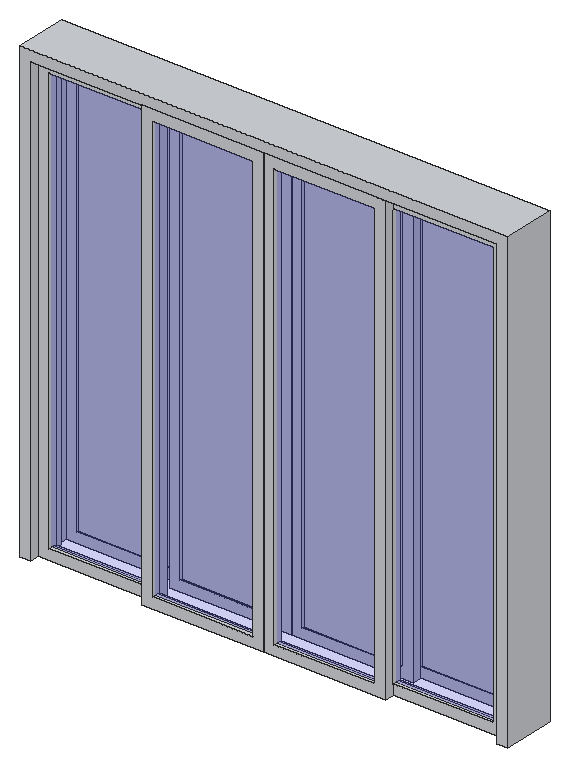
Revit family "Porta veneziana envidraçada de correr quádrupla sem revestimento", category Portas, Revit 2019
Family settings
  Hospedeiro = Parede
  Número OmniClass = 23.30.10.00
  Título OmniClass = Doors
  Sempre na vertical = Sim
  Corte com vazios quando carregada = Não
  Compartilhado = Não
  Ponto de cálculo do ambiente = Não
Parameters (values of type "2320 x 2180mm")
  Visual Light Transmittance = 0
  Espessura = 0 mm
  Solar Heat Gain Coefficient = 0
  Rough Width = Width  # 2320 mm
  Rough Height = Height  # 2180 mm
  Material do painel = none
  Largura da moldura do painel = 50 mm
  Espessura da moldura do painel = 40 mm
  ID do tipo de construção = ""
  Coeficiente de transferência de calor (U) = 3.7021 W/(m²·K)
  Largura do puxador = 40 mm
  Material do puxador = none
  Altura do puxador = 200 mm
  Vidro = none
  Função = Exterior
  Largura da estrutura = 50 mm
  Height = 2180 mm
  Fechamento da parede = Por hospedeiro
  Width = 2320 mm
  Material da moldura = none
  Construção analítica = Metal
Types (5, lengths in mm): name | Rough Width | Width
  (no name) | 2320 | 2320
  2320 x 2180mm | 2320 | 2320
  2720 x 2180mm | 2720 | 2720
  3120 x 2180mm | 3120 | 3120
  3520 x 2180mm | 3520 | 3520
Reference planes
  plane 1: y = 0
  plane 2 "Centro (Esquerda/Direita)": x = 0
  plane 3 "Esquerda": x = -1160
  plane 4 "Direita": x = 1160
  plane 5: z = 2180
  plane 6 "Exterior": y = 125
  plane 7 "Interior": y = -125
  plane 8: x = -1110
  plane 9: x = -1060
  plane 10: x = 1060
  plane 11: x = 1110
  plane 12: y = -85
  plane 13: z = 0
  plane 14: z = 2080
  plane 15: z = 50
  plane 16: z = 2130
  plane 17: z = 1065
  plane 18: x = 555
  plane 19: x = -555
  plane 20: y = -125
  plane 21: y = -80
  plane 22: y = -40
  plane 23: y = -105
  plane 24: y = -60
  plane 25: y = -53
  plane 26: y = -67
  plane 27: y = -98
  plane 28: y = -112
  plane 29: x = -580
  plane 30: x = -530
  plane 31: x = 580
  plane 32: x = 530
  plane 33: x = -50
  plane 34: x = 50
  plane 35: x = 290
  plane 36: x = -290
  plane 37: y = 40
  plane 38: y = 85
  plane 39: y = 125
  plane 40: y = 60
  plane 41: y = 105
  plane 42: y = 117
  plane 43: y = 93
  plane 44: y = 72
  plane 45: y = 48
  plane 46: x = -25
  plane 47: x = 25
  plane 48: z = 900
  plane 49: z = 1000
  plane 50: z = 800
  plane 51: z = 962
  plane 52: z = 838
  plane 53: x = -5
  plane 54: x = -45
  plane 55: x = 45
  plane 56: x = 5
  plane 57: x = 42
  plane 58: x = 8
  plane 59: x = -8
  plane 60: x = -42
  plane 61: y = 80
  plane 62: x = 427.5
  plane 63: x = 152.5
  plane 64: through (427.5, 300, 1065) normal (0.5, 0, 0.866)
  plane 65: through (427.5, 300, 1065) normal (-0.5, 0, 0.866)
  plane 66: x = -427.5
  plane 67: x = -152.5
  plane 68: through (-427.5, 300, 1065) normal (0.5, 0, -0.866)
  plane 69: through (-427.5, 300, 1065) normal (-0.5, 0, -0.866)
  plane 70: x = 1100
Forms (mm)
  Sweep 1, solid, material <- "Material da moldura", detail levels coarse+medium
    path origin (0, 125, 0) x (1, 0, 0) y (0, 0, 1)
      loop
        line (1160, 0) -> (1160, 2180) -> (-1160, 2180) -> (-1160, 0)
    profile origin (1160, 125, 1090) x (-1, 0, 0) y (0, -1, 0)
      loop
        line (0, 0) -> (50, 0) -> (50, 250) -> (0, 250) -> (0, 0)
  Sweep 2, solid, material <- "Material da moldura", detail levels coarse+medium
    path origin (0, 125, 0) x (-1, 0, 0) y (0, 0, 1)
      loop
        line (0, 0) -> (580, 0) -> (580, 2130) -> (0, 2130) -> (0, 0)
    profile origin (0, 125, 1065) x (-1, 0, 0) y (0, -1, 0)
      loop
        line (50, 45) -> (50, 85) -> (0, 85) -> (0, 45) -> (50, 45)
      loop
        line (0, 210) -> (50, 210) -> (50, 250) -> (0, 250) -> (0, 210)
  Extrusion 3, solid, material <- "Vidro", detail levels fine
    sketch origin (0, 0, 0) x (-1, 0, 0) y (0, -1, 0)
      loop
        line (530, 98) -> (530, 112) -> (50, 112) -> (50, 98) -> (530, 98)
      loop
        line (-50, 98) -> (-50, 112) -> (-530, 112) -> (-530, 98) -> (-50, 98)
      loop
        line (580, 53) -> (1060, 53) -> (1060, 67) -> (580, 67) -> (580, 53)
      loop
        line (-580, 53) -> (-580, 67) -> (-1060, 67) -> (-1060, 53) -> (-580, 53)
    from 50 to 2080
  Sweep 4, solid, material <- "Material da moldura"
    path origin (0, 125, 50) x (-1, 0, 0) y (0, 0, 1)
      loop
        line (1110, -50) -> (1110, 2080) -> (530, 2080) -> (530, -50) -> (1110, -50)
    profile origin (-1110, 125, 1065) x (-1, 0, 0) y (0, -1, 0)
      loop
        line (0, 0) -> (0, 40) -> (-50, 40) -> (-50, 0) -> (0, 0)
      loop
        line (-50, 165) -> (0, 165) -> (0, 205) -> (-50, 205) -> (-50, 165)
  Sweep 5, solid, material <- "Material da moldura", detail levels coarse+medium
    path origin (0, 125, 0) x (1, 0, 0) y (0, 0, 1)
      loop
        line (0, 0) -> (580, 0) -> (580, 2130) -> (0, 2130) -> (0, 0)
    profile origin (0, 125, 1065) x (-1, 0, 0) y (0, -1, 0)
      loop
        line (0, 45) -> (0, 85) -> (-50, 85) -> (-50, 45) -> (0, 45)
      loop
        line (0, 210) -> (0, 250) -> (-50, 250) -> (-50, 210) -> (0, 210)
  Sweep 6, solid, material <- "Material da moldura"
    path origin (0, 125, 50) x (1, 0, 0) y (0, 0, 1)
      loop
        line (1110, -50) -> (1110, 2080) -> (530, 2080) -> (530, -50) -> (1110, -50)
    profile origin (1110, 125, 1065) x (-1, 0, 0) y (0, -1, 0)
      loop
        line (50, 165) -> (50, 205) -> (0, 205) -> (0, 165) -> (50, 165)
      loop
        line (50, 0) -> (50, 40) -> (0, 40) -> (0, 0) -> (50, 0)
  Extrusion 7, solid, material <- "Material do painel"
    sketch origin (0, 0, 0) x (1, 0, 0) y (0, 1, 0)
      loop
        line (-1060, 117) -> (-1060, 93) -> (-580, 93) -> (-580, 117) -> (-1060, 117)
      loop
        line (580, 117) -> (580, 93) -> (1060, 93) -> (1060, 117) -> (580, 117)
      loop
        line (-530, 72) -> (-530, 48) -> (-50, 48) -> (-50, 72) -> (-530, 72)
      loop
        line (50, 72) -> (50, 48) -> (530, 48) -> (530, 72) -> (50, 72)
    from 50 to 2080
  Extrusion 8, solid, material <- "Vidro"
    sketch origin (0, -220, 0) x (-1, 0, 0) y (0, -1, 0)
      loop
        line (1060, -167) -> (1060, -153) -> (580, -153) -> (580, -167) -> (1060, -167)
      loop
        line (530, -122) -> (530, -108) -> (50, -108) -> (50, -122) -> (530, -122)
      loop
        line (-50, -122) -> (-50, -108) -> (-530, -108) -> (-530, -122) -> (-50, -122)
      loop
        line (-580, -167) -> (-580, -153) -> (-1060, -153) -> (-1060, -167) -> (-580, -167)
    from 50 to 2080
  Sweep 9, solid, material <- "Material da moldura", detail levels fine
    path origin (0, 390, 0) x (-1, 0, 0) y (0, 0, 1)
      loop
        line (0, 0) -> (580, 0) -> (580, 2130) -> (0, 2130) -> (0, 0)
    profile origin (0, 390, 1065) x (-1, 0, 0) y (0, -1, 0)
      loop
        line (50, 310) -> (50, 350) -> (0, 350) -> (0, 310) -> (50, 310)
      loop
        line (50, 475) -> (50, 515) -> (0, 515) -> (0, 475) -> (50, 475)
  Sweep 10, solid, material <- "Material da moldura", detail levels fine
    path origin (0, 390, 0) x (1, 0, 0) y (0, 0, 1)
      loop
        line (0, 0) -> (580, 0) -> (580, 2130) -> (0, 2130) -> (0, 0)
    profile origin (0, 390, 1065) x (-1, 0, 0) y (0, -1, 0)
      loop
        line (0, 310) -> (0, 350) -> (-50, 350) -> (-50, 310) -> (0, 310)
      loop
        line (0, 475) -> (0, 515) -> (-50, 515) -> (-50, 475) -> (0, 475)
  Sweep 11, solid, material <- "Material da moldura", detail levels fine
    path origin (0, 125, 0) x (1, 0, 0) y (0, 0, 1)
      loop
        line (1160, 0) -> (1160, 2180) -> (-1160, 2180) -> (-1160, 0)
    profile origin (1160, 125, 1090) x (-1, 0, 0) y (0, -1, 0)
      loop
        line (50, 0) -> (50, 85) -> (60, 85) -> (60, 165) -> (50, 165) -> (50, 250) -> (0, 250) -> (0, 0) -> (50, 0)
  Extrusion 12, solid, material <- "Material do painel", detail levels medium+fine
    sketch origin (-4300, 0, 0) x (1, 0, 0) y (0, 1, 0)
      loop
        line (3240, 117) -> (3240, 93) -> (3720, 93) -> (3720, 117) -> (3240, 117)
      loop
        line (4880, 117) -> (4880, 93) -> (5360, 93) -> (5360, 117) -> (4880, 117)
      loop
        line (3770, 72) -> (3770, 48) -> (4250, 48) -> (4250, 72) -> (3770, 72)
      loop
        line (4350, 72) -> (4350, 48) -> (4830, 48) -> (4830, 72) -> (4350, 72)
    from 50 to 2080
Lines and regions (mm)
  Opening 1
    outline origin (-3050, -125, 0) x (1, 0, 0) y (0, 0, 1)
      loop
        line (1890, 0) -> (4210, 0) -> (4210, 2180) -> (1890, 2180) -> (1890, 0)
  symbolic lines, style "Giro da elevação"
    curve 1: line (-580, 125, 2130) -> (0, 125, 0)
    curve 2: line (0, 125, 0) -> (580, 125, 2130)
    curve 3: line (580, 125, 0) -> (0, 125, 2130)
    curve 4: line (0, 125, 2130) -> (-580, 125, 0)
  model lines, style "DoorsGlassProjection", detail levels medium
    curve 5: line (530, -105, 2080) -> (50, -105, 2080)
    curve 6: line (530, -105, 50) -> (530, -105, 2080)
    curve 7: line (50, -105, 50) -> (530, -105, 50)
    curve 8: line (50, -105, 2080) -> (50, -105, 50)
    curve 9: line (-50, -105, 2080) -> (-530, -105, 2080)
    curve 10: line (-50, -105, 50) -> (-50, -105, 2080)
    curve 11: line (-530, -105, 50) -> (-50, -105, 50)
    curve 12: line (-530, -105, 2080) -> (-530, -105, 50)
    curve 13: line (1060, -60, 2080) -> (580, -60, 2080)
    curve 14: line (1060, -60, 50) -> (1060, -60, 2080)
    curve 15: line (580, -60, 50) -> (1060, -60, 50)
    curve 16: line (580, -60, 2080) -> (580, -60, 50)
    curve 17: line (-580, -60, 2080) -> (-1060, -60, 2080)
    curve 18: line (-580, -60, 50) -> (-580, -60, 2080)
    curve 19: line (-1060, -60, 50) -> (-580, -60, 50)
    curve 20: line (-1060, -60, 2080) -> (-1060, -60, 50)
  symbolic lines, style "Seta"
    curve 21: line (427.5, -60, 1065) -> (349.558, -60, 1110)
    curve 22: line (427.5, -60, 1065) -> (152.5, -60, 1065)
    curve 23: line (427.5, -60, 1065) -> (349.558, -60, 1020)
    curve 24: line (-427.5, -60, 1065) -> (-349.558, -60, 1110)
    curve 25: line (-427.5, -60, 1065) -> (-152.5, -60, 1065)
    curve 26: line (-427.5, -60, 1065) -> (-349.558, -60, 1020)
Text (mm)
  text "Externo" at (-2295.016, 1099.543, 0), in view "Nível de referência"
  text "Externo" at (0, 1615.38, 3698.081), in view "Esquerda"
  text "Externo" at (0, 1036.032, 3874.932), in view "Direita"
Dimensions and locks
  equal spacing: plane 3 "Esquerda", plane 2 "Centro (Esquerda/Direita)", plane 4 "Direita"
  "Width": plane 3 "Esquerda" to plane 4 "Direita"
  "Height": host wall to plane 5
  host wall to plane 5 = 2180 mm
  locked: plane 6 "Exterior" to host wall at 0
  locked: plane 7 "Interior" to host wall
  "Largura da estrutura": plane 3 "Esquerda" to plane 8
  "Largura da estrutura": plane 11 to plane 4 "Direita"
  "Largura da moldura do painel": plane 8 to plane 9
  "Largura da moldura do painel": plane 10 to plane 11
  "Largura da estrutura": plane 16 to plane 5
  "Largura da moldura do painel": plane 14 to plane 16
  "Largura da estrutura": plane 13 to plane 15
  equal spacing: plane 32, plane 18, plane 31
  equal spacing: plane 29, plane 19, plane 30
  "Largura da moldura do painel": plane 29 to plane 30
  "Largura da moldura do painel": plane 32 to plane 31
  "Largura da moldura do painel": plane 33 to plane 2 "Centro (Esquerda/Direita)"
  "Largura da moldura do painel": plane 2 "Centro (Esquerda/Direita)" to plane 34
  equal spacing: plane 2 "Centro (Esquerda/Direita)", plane 18, plane 11
  equal spacing: plane 8, plane 19, plane 2 "Centro (Esquerda/Direita)"
  equal spacing: plane 15, plane 17, plane 14
  equal spacing: plane 31, plane 35, plane 2 "Centro (Esquerda/Direita)"
  equal spacing: plane 2 "Centro (Esquerda/Direita)", plane 36, plane 29
  equal spacing: plane 33, plane 46, plane 2 "Centro (Esquerda/Direita)"
  equal spacing: plane 2 "Centro (Esquerda/Direita)", plane 47, plane 34
  locked: plane 13 to plane 48 at 900
  equal spacing: plane 50, plane 48, plane 49
  "Altura do puxador": plane 50 to plane 49
  locked: plane 50 to plane 52 at 38
  locked: plane 51 to plane 49 at 38
  equal spacing: plane 56, plane 47, plane 55
  "Largura do puxador": plane 56 to plane 55
  equal spacing: plane 54, plane 46, plane 53
  "Largura do puxador": plane 54 to plane 53
  locked: plane 57 to plane 55 at 3
  locked: plane 56 to plane 58 at 3
  locked: plane 59 to plane 53 at 3
  locked: plane 54 to plane 60 at 3
  "Espessura da moldura do painel": plane 12 to plane 20
  "Espessura da moldura do painel": plane 38 to plane 39
  "Espessura da moldura do painel": plane 22 to plane 21
  "Espessura da moldura do painel": plane 61 to plane 37
  equal spacing: plane 12, plane 23, plane 20
  plane 27 to plane 23 to plane 28 = 7 mm locked, 7 mm locked
  equal spacing: plane 22, plane 24, plane 21
  plane 25 to plane 24 to plane 26 = 7 mm locked, 7 mm locked
  equal spacing: plane 61, plane 40, plane 37
  plane 44 to plane 40 to plane 45 = 12 mm locked, 12 mm locked
  equal spacing: plane 39, plane 41, plane 38
  plane 42 to plane 41 to plane 43 = 12 mm locked, 12 mm locked
  locked: plane 62 to plane 63 at 275
  equal spacing: plane 62, plane 35, plane 63
  locked: curve 21 to curve 23 at 90
  locked: curve 23 to curve 23 at 90
  locked: plane 66 to plane 67 at 275
  equal spacing: plane 66, plane 36, plane 67
  locked: curve 24 to curve 26 at 90
  locked: curve 26 to curve 26 at 90
  locked: plane 61 to plane 38 at 5
  locked: plane 21 to plane 12 at 5
  locked: plane 70 to plane 11 at 10
  angle plane 17 to plane 64 = 30.00°
  angle plane 65 to plane 17 = 30.00°
  angle plane 68 to plane 17 = 30.00°
  angle plane 17 to plane 69 = 30.00°
  aligned and locked: plane 3 "Esquerda" to Opening 1 sketch curve
  aligned and locked: plane 5 to Opening 1 sketch curve  (x2)
  aligned and locked: Opening 1 sketch curve to plane 4 "Direita"
  aligned and locked: Opening 1 sketch curve to level
  aligned and locked: plane 1 to host wall
  aligned and locked: level to plane 13
  aligned and locked: Sweep 1 sketch curve to plane 3 "Esquerda"
  aligned and locked: plane 5 to Sweep 1 sketch curve
  aligned and locked: plane 4 "Direita" to Sweep 1 sketch curve
  aligned and locked: Sweep 1 sketch curve to profile plane
  aligned and locked: Sweep 1 sketch curve to host wall
  aligned and locked: host wall to Sweep 1 sketch curve
  aligned and locked: Sweep 1 sketch curve to plane 11
  aligned and locked: Sweep 4 sketch curve to plane 8  (x2)
  aligned and locked: Sweep 2 sketch curve to plane 16
  aligned and locked: plane 13 to Sweep 2 sketch curve
  aligned and locked: Sweep 4 sketch curve to plane 13
  aligned and locked: plane 16 to Sweep 4 sketch curve
  aligned and locked: plane 30 to Sweep 4 sketch curve
  aligned and locked: plane 29 to Sweep 2 sketch curve
  aligned and locked: Sweep 2 sketch curve to plane 2 "Centro (Esquerda/Direita)"  (x2)
  aligned and locked: plane 16 to curve 1
  aligned and locked: plane 29 to curve 1
  aligned and locked: plane 16 to curve 4
  aligned and locked: plane 16 to curve 2
  aligned and locked: plane 2 "Centro (Esquerda/Direita)" to curve 4
  aligned and locked: plane 31 to curve 2
  aligned and locked: plane 13 to curve 4
  aligned and locked: plane 29 to curve 4
  aligned and locked: plane 13 to curve 2
  aligned and locked: plane 31 to curve 3
  aligned and locked: plane 13 to curve 3
  aligned and locked: Extrusion 3 sketch curve to plane 27  (x2)
  aligned and locked: plane 30 to Extrusion 3 sketch curve
  aligned and locked: Extrusion 3 sketch curve to plane 28  (x2)
  aligned and locked: Extrusion 3 sketch curve to plane 33
  aligned and locked: plane 34 to Extrusion 3 sketch curve
  aligned and locked: Extrusion 3 sketch curve to plane 32
  aligned and locked: plane 25 to Extrusion 3 sketch curve
  aligned and locked: plane 29 to Extrusion 3 sketch curve
  aligned and locked: Extrusion 3 sketch curve to plane 26  (x2)
  aligned and locked: Extrusion 3 sketch curve to plane 9
  aligned and locked: Extrusion 3 sketch curve to plane 25
  aligned and locked: plane 31 to Extrusion 3 sketch curve
  aligned and locked: Extrusion 3 sketch curve to plane 10
  aligned and locked: Extrusion 7 sketch curve to plane 42  (x2)
  aligned and locked: plane 9 to Extrusion 7 sketch curve
  aligned and locked: Extrusion 7 sketch curve to plane 43  (x2)
  aligned and locked: Extrusion 7 sketch curve to plane 29
  aligned and locked: plane 31 to Extrusion 7 sketch curve
  aligned and locked: Extrusion 7 sketch curve to plane 10
  aligned and locked: plane 14 to Extrusion 7
  aligned and locked: plane 14 to Extrusion 3
  aligned and locked: Extrusion 7 to plane 15
  aligned and locked: Extrusion 3 to plane 14  (x8)
  aligned and locked: Extrusion 3 to plane 15
  aligned and locked: plane 15 to Extrusion 3  (x8)
  aligned and locked: Extrusion 7 to plane 14  (x4)
  aligned and locked: plane 15 to Extrusion 7  (x4)
  aligned and locked: plane 14 to Extrusion 8
  aligned and locked: Extrusion 8 to plane 15
  aligned and locked: Extrusion 8 sketch curve to Extrusion 3  (x16)
  aligned and locked: curve 9 to plane 14
  aligned and locked: curve 5 to plane 14
  aligned and locked: plane 34 to curve 8
  aligned and locked: curve 10 to plane 33
  aligned and locked: plane 30 to curve 12
  aligned and locked: curve 6 to plane 32
  aligned and locked: plane 15 to curve 11
  aligned and locked: plane 15 to curve 7
  aligned and locked: curve 17 to plane 14
  aligned and locked: curve 13 to plane 14
  aligned and locked: plane 31 to curve 16
  aligned and locked: curve 18 to plane 29
  aligned and locked: plane 9 to curve 20
  aligned and locked: curve 14 to plane 10
  aligned and locked: plane 15 to curve 15
  aligned and locked: plane 15 to curve 19
  aligned and locked: plane 48 to nested 1
  aligned and locked: Sweep 9 sketch curve to plane 16
  aligned and locked: plane 13 to Sweep 9 sketch curve
  aligned and locked: Sweep 9 sketch curve to plane 2 "Centro (Esquerda/Direita)"  (x3)
  aligned and locked: plane 29 to Sweep 9 sketch curve
  aligned and locked: plane 16 to Sweep 10 sketch curve
  aligned and locked: plane 31 to Sweep 10 sketch curve
  aligned and locked: Sweep 10 sketch curve to plane 2 "Centro (Esquerda/Direita)"
  aligned and locked: Sweep 10 sketch curve to plane 13
  aligned and locked: plane 46 to nested 1
  aligned and locked: Extrusion 7 sketch curve to plane 44  (x2)
  aligned and locked: Extrusion 7 sketch curve to plane 32
  aligned and locked: Extrusion 7 sketch curve to plane 45  (x2)
  aligned and locked: plane 34 to Extrusion 7 sketch curve
  aligned and locked: Extrusion 7 sketch curve to plane 33
  aligned and locked: plane 30 to Extrusion 7 sketch curve
  aligned and locked: plane 22 to Sweep 4 sketch curve
  aligned and locked: Sweep 4 sketch curve to plane 39
  aligned and locked: Sweep 4 sketch curve to plane 38
  aligned and locked: Sweep 4 sketch curve to plane 21
  aligned and locked: Sweep 4 sketch curve to plane 9
  aligned and locked: plane 9 to Sweep 4 sketch curve
  aligned and locked: plane 8 to Sweep 4 sketch curve
  aligned and locked: plane 33 to Sweep 9 sketch curve  (x2)
  aligned and locked: Sweep 9 sketch curve to plane 61
  aligned and locked: plane 37 to Sweep 9 sketch curve
  aligned and locked: Sweep 2 sketch curve to plane 33
  aligned and locked: plane 33 to Sweep 2 sketch curve
  aligned and locked: plane 2 "Centro (Esquerda/Direita)" to Sweep 2 sketch curve
  aligned and locked: Sweep 2 sketch curve to plane 20
  aligned and locked: plane 12 to Sweep 2 sketch curve
  aligned and locked: plane 37 to Sweep 2 sketch curve
  aligned and locked: Sweep 2 sketch curve to plane 61
  aligned and locked: Sweep 10 sketch curve to plane 34  (x2)
  aligned and locked: plane 2 "Centro (Esquerda/Direita)" to Sweep 10 sketch curve  (x2)
  aligned and locked: Sweep 10 sketch curve to plane 61
  aligned and locked: plane 37 to Sweep 10 sketch curve
  aligned and locked: plane 2 "Centro (Esquerda/Direita)" to Sweep 5 sketch curve  (x2)
  aligned and locked: Sweep 5 sketch curve to plane 34  (x2)
  aligned and locked: Sweep 5 sketch curve to plane 12
  aligned and locked: plane 20 to Sweep 5 sketch curve
  aligned and locked: plane 37 to Sweep 5 sketch curve
  aligned and locked: Sweep 5 sketch curve to plane 61
  aligned and locked: plane 10 to Sweep 6 sketch curve  (x2)
  aligned and locked: Sweep 6 sketch curve to plane 11  (x2)
  aligned and locked: Sweep 6 sketch curve to plane 39
  aligned and locked: Sweep 6 sketch curve to plane 38
  aligned and locked: plane 22 to Sweep 6 sketch curve
  aligned and locked: Sweep 6 sketch curve to plane 21
  aligned and locked: nested 1 to plane 61
  aligned and locked: nested 2 to plane 61  (x2)
  aligned and locked: plane 47 to nested 2
  aligned and locked: plane 48 to nested 2
  aligned and locked: Sweep 9 sketch curve to plane 12
  aligned and locked: plane 20 to Sweep 9 sketch curve
  aligned and locked: Sweep 10 sketch curve to plane 12
  aligned and locked: plane 20 to Sweep 10 sketch curve
  aligned and locked: curve 21 to plane 64
  aligned and locked: curve 22 to plane 17
  aligned and locked: curve 23 to plane 65
  aligned and locked: curve 24 to plane 68
  aligned and locked: curve 26 to plane 69
  aligned and locked: plane 20 to plane 7 "Interior"
  aligned and locked: plane 39 to plane 6 "Exterior"
  aligned and locked: plane 4 "Direita" to Sweep 11 sketch curve  (x2)
  aligned and locked: plane 5 to Sweep 11 sketch curve
  aligned and locked: Sweep 11 sketch curve to plane 3 "Esquerda"
  aligned and locked: profile plane to plane 6 "Exterior"
  aligned and locked: Sweep 11 sketch curve to plane 39
  aligned and locked: plane 11 to Sweep 11 sketch curve
  aligned and locked: Sweep 11 sketch curve to plane 7 "Interior"
  aligned and locked: Sweep 11 sketch curve to plane 37
  aligned and locked: plane 70 to Sweep 11 sketch curve
  aligned and locked: Sweep 11 sketch curve to plane 22
  aligned and locked: Extrusion 12 sketch curve to plane 10
  aligned and locked: plane 31 to Extrusion 12 sketch curve
  aligned and locked: Extrusion 12 sketch curve to plane 42  (x2)
  aligned and locked: Extrusion 12 sketch curve to plane 43  (x2)
  aligned and locked: Extrusion 12 sketch curve to plane 32
  aligned and locked: Extrusion 12 sketch curve to plane 44  (x2)
  aligned and locked: Extrusion 12 sketch curve to plane 45  (x2)
  aligned and locked: plane 34 to Extrusion 12 sketch curve
  aligned and locked: Extrusion 12 sketch curve to plane 33
  aligned and locked: plane 30 to Extrusion 12 sketch curve
  aligned and locked: Extrusion 12 sketch curve to plane 29
  aligned and locked: plane 9 to Extrusion 12 sketch curve
  aligned and locked: Extrusion 12 to plane 15
  aligned and locked: plane 14 to Extrusion 12
Automatic sketch dimensions
  Sweep 1 sketch curve to level = 0 mm  (x2)
  curve 2 to plane 2 "Centro (Esquerda/Direita)" = 0 mm
  Sweep 5 sketch curve to plane 2 "Centro (Esquerda/Direita)" = 0 mm
  Sweep 5 sketch curve to level = 0 mm
  Sweep 5 sketch curve to plane 31 = 0 mm
  Sweep 5 sketch curve to plane 16 = 0 mm
  Sweep 6 sketch curve to level = 0 mm
  Sweep 6 sketch curve to plane 32 = 0 mm
  Sweep 6 sketch curve to plane 11 = 0 mm
  Sweep 6 sketch curve to plane 16 = 0 mm
  curve 22 to plane 63 = 0 mm
  curve 25 to plane 67 = 0 mm
  Sweep 11 sketch curve to level = 0 mm  (x2)
  Sweep 11 sketch curve to profile plane = 50 mm
Nested families
  nested 1: "Maçaneta da porta 3" at (-25, 80, 900), type "Maçaneta da porta 3", detail levels fine
  nested 2: "Maçaneta da porta 3" at (25, 80, 900), type "Maçaneta da porta 3", detail levels fine
Definition of nested family "Maçaneta da porta 3"
  Parameters
    Width = 40 mm
    Thickness = 3 mm
    Rough Width = Width  # 40 mm
    Rough Height = Height  # 200 mm
    Height = 200 mm
    Material do puxador = none
  Reference planes
    plane 1 "Centro (Frente/Trás)": y = 0
    plane 2: z = 0
    plane 3 "Centro (Esquerda/Direita)": x = 0
    plane 4: x = -20
    plane 5: x = 20
    plane 6: y = 3
    plane 7: z = 100
    plane 8: z = -100
    plane 9: y = -10
    plane 10: x = 15
    plane 11: x = -15
    plane 12: z = 60
    plane 13: z = -60
    plane 14: z = 85
    plane 15: z = -85
    plane 16: z = 62
    plane 17: x = 17
    plane 18: x = -17
    plane 19: z = -62
    plane 20: y = -8
    plane 21: y = -15
  Forms (mm)
    Extrusion 1, solid, material <- "Material do puxador"
      sketch origin (0, 0, 0) x (1, 0, 0) y (0, 0, 1)
        loop
          line (10, 100) -> (-10, 100)
          arc (-10, 100) -> (-17.071, 97.071) -> (-20, 90) r 10
          line (-20, 90) -> (-20, -90)
          arc (-20, -90) -> (-17.071, -97.071) -> (-10, -100) r 10
          line (-10, -100) -> (10, -100)
          arc (10, -100) -> (17.071, -97.071) -> (20, -90) r 10
          line (20, -90) -> (20, 90)
          arc (20, 90) -> (17.071, 97.071) -> (10, 100) r 10
        loop
          line (10, 60) -> (-10, 60)
          arc (-10, 60) -> (-13.536, 58.536) -> (-15, 55) r 5
          line (-15, 55) -> (-15, -55)
          arc (-15, -55) -> (-13.536, -58.536) -> (-10, -60) r 5
          line (-10, -60) -> (10, -60)
          arc (10, -60) -> (13.536, -58.536) -> (15, -55) r 5
          line (15, -55) -> (15, 55)
          arc (15, 55) -> (13.536, 58.536) -> (10, 60) r 5
        loop
          circle (0, 85) r 5
        loop
          circle (0, -85) r 5
      from -3 to 0
    Extrusion 2, solid, material <- "Material do puxador"
      sketch origin (0, 0, 0) x (1, 0, 0) y (0, 0, 1)
        loop
          arc (-10, 60) -> (-13.536, 58.536) -> (-15, 55) r 5
          line (-15, 55) -> (-15, -55)
          arc (-15, -55) -> (-13.536, -58.536) -> (-10, -60) r 5
          line (-10, -60) -> (10, -60)
          arc (10, -60) -> (13.536, -58.536) -> (15, -55) r 5
          line (15, -55) -> (15, 55)
          arc (15, 55) -> (13.536, 58.536) -> (10, 60) r 5
          line (10, 60) -> (-10, 60)
        loop
          arc (-10, 62) -> (-14.95, 59.95) -> (-17, 55) r 7
          line (-17, 55) -> (-17, -55)
          arc (-17, -55) -> (-14.95, -59.95) -> (-10, -62) r 7
          line (-10, -62) -> (10, -62)
          arc (10, -62) -> (14.95, -59.95) -> (17, -55) r 7
          line (17, -55) -> (17, 55)
          arc (17, 55) -> (14.95, 59.95) -> (10, 62) r 7
          line (10, 62) -> (-10, 62)
      from 0 to 10
    Extrusion 3, solid, material <- "Material do puxador"
      sketch origin (0, 0, 0) x (1, 0, 0) y (0, 0, 1)
        loop
          arc (-10, 60) -> (-13.536, 58.536) -> (-15, 55) r 5
          line (-15, 55) -> (-15, -55)
          arc (-15, -55) -> (-13.536, -58.536) -> (-10, -60) r 5
          line (-10, -60) -> (10, -60)
          arc (10, -60) -> (13.536, -58.536) -> (15, -55) r 5
          line (15, -55) -> (15, 55)
          arc (15, 55) -> (13.536, 58.536) -> (10, 60) r 5
          line (10, 60) -> (-10, 60)
      from 8 to 10
    Extrusion 4, void
      sketch origin (0, 0, 0) x (1, 0, 0) y (0, 0, 1)
        loop
          line (-17, 62) -> (-17, -62) -> (17, -62) -> (17, 62) -> (-17, 62)
      from 0 to 15
  Cuts and joins
    Extrusion 4 cuts Extrusion 1
    Extrusion 4 cuts Extrusion 2
    Extrusion 4 cuts Extrusion 3
    joined: Extrusion 1, Extrusion 2, Extrusion 3
  Dimensions and locks
    equal spacing: plane 4, plane 3 "Centro (Esquerda/Direita)", plane 5
    "Thickness": plane 6 to plane 1 "Centro (Frente/Trás)"
    "Width": plane 4 to plane 5
    equal spacing: plane 7, plane 2, plane 8
    "Height": plane 7 to plane 8
    locked: plane 10 to plane 5 at 5
    locked: plane 4 to plane 11 at 5
    locked: plane 8 to plane 13 at 40
    locked: plane 12 to plane 7 at 40
    locked: plane 14 to plane 7 at 15
    locked: plane 8 to plane 15 at 15
    locked: plane 9 to cut or joined group of Extrusion 1, Extrusion 2, Extrusion 3, Extrusion 4 at 10
    locked: plane 18 to plane 11 at 2
    locked: plane 19 to plane 13 at 2
    locked: plane 12 to plane 16 at 2
    locked: plane 10 to plane 17 at 2
    locked: plane 20 to plane 9 at 2
    locked: plane 9 to plane 21 at 5
    radius of Extrusion 1 sketch curve = 10 mm  (x4)
    radius of Extrusion 1 sketch curve = 5 mm  (x6)
    radius of Extrusion 2 sketch curve = 7 mm  (x4)
    aligned and locked: level to plane 2
    aligned and locked: plane 7 to Extrusion 1 sketch curve
    aligned and locked: plane 5 to Extrusion 1 sketch curve
    aligned and locked: Extrusion 1 sketch curve to plane 8
    aligned and locked: Extrusion 1 sketch curve to plane 4
    aligned and locked: plane 12 to Extrusion 1 sketch curve
    aligned and locked: Extrusion 1 sketch curve to plane 10
    aligned and locked: Extrusion 1 sketch curve to plane 13
    aligned and locked: plane 11 to Extrusion 1 sketch curve
    aligned and locked: plane 6 to Extrusion 1
    aligned and locked: plane 1 "Centro (Frente/Trás)" to Extrusion 1
    aligned and locked: plane 14 to Extrusion 1 sketch curve
    aligned and locked: plane 3 "Centro (Esquerda/Direita)" to Extrusion 1 sketch curve  (x2)
    aligned and locked: plane 15 to Extrusion 1 sketch curve
    aligned and locked: Extrusion 2 sketch curve to Extrusion 1  (x4)
    aligned and locked: Extrusion 2 to plane 1 "Centro (Frente/Trás)"
    aligned and locked: Extrusion 2 to plane 9
    aligned and locked: plane 16 to Extrusion 2 sketch curve
    aligned and locked: Extrusion 2 sketch curve to plane 17
    aligned and locked: plane 19 to Extrusion 2 sketch curve
    aligned and locked: Extrusion 2 sketch curve to plane 18
    aligned and locked: Extrusion 3 sketch curve to cut or joined group of Extrusion 1, Extrusion 2, Extrusion 3, Extrusion 4  (x4)
    aligned and locked: plane 20 to Extrusion 3
    aligned and locked: Extrusion 3 to plane 9
    aligned and locked: Extrusion 4 sketch curve to plane 16
    aligned and locked: plane 18 to Extrusion 4 sketch curve
    aligned and locked: Extrusion 4 sketch curve to plane 19
    aligned and locked: plane 17 to Extrusion 4 sketch curve
    aligned and locked: Extrusion 4 to plane 1 "Centro (Frente/Trás)"
    aligned and locked: Extrusion 4 to plane 21
  Automatic sketch dimensions
    Extrusion 1 sketch curve to plane 4 = 0 mm
    Extrusion 1 sketch curve to plane 5 = 0 mm
